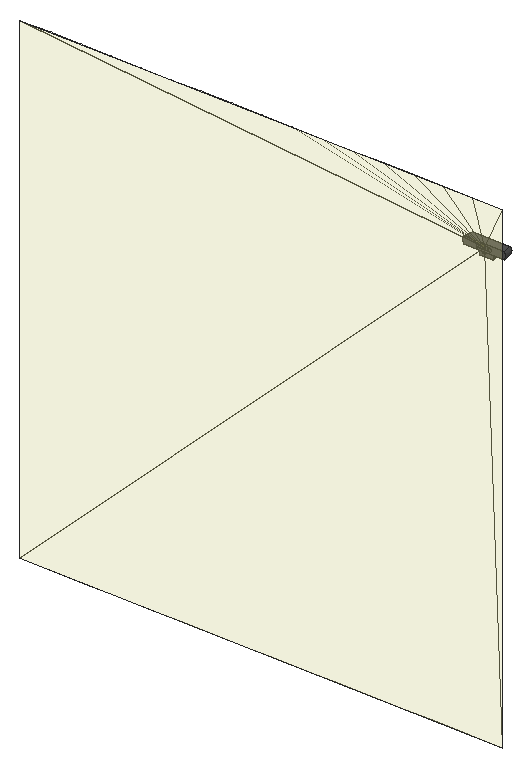
Revit family "Electronics_Conferencing-Cameras_Biamp_Vidi_4K_100_150___", category Communication Devices, host Face, Revit 2020
Family settings
  Host = Face
  Maintain Annotation Orientation = No
  Round Connector Dimension = Use Diameter
  Part Type = Normal
  OmniClass Number = 23.85.10.14.11
  OmniClass Title = Cameras
  Cut with Voids When Loaded = No
  Shared = No
  Room Calculation Point = No
Parameters (values of type "Vidi 100")
  Zoom = "3x Digital\r"  # constant formula
  Width = 7.60"  # constant formula
  White Balance = "Auto"  # constant formula
  Weight = 0.70 lbf  # constant formula
  Voltage = 0 V
  URL = "https://www.biamp.com/"
  Temperature Range = "50-86° F (10-30° C)"  # constant formula
  Target View Length Real [instance] = if(Focus Distance < 0.59055", 0.59055", if(Focus Distance > Maximum Focus Distance, Maximum Focus Distance, Focus Distance))  # 50.00"
  Focus Distance [instance] = 50.00"
  Supported Resolutions = "Up to 3840 x 2160p (30fps)"  # constant formula
  Signal Noise Ratio = "> 55dB"  # constant formula
  Sample Rate = "48 kHz\r"  # constant formula
  Product data url = "https://www.bimobject.com/biamp/product/vidi-100_conferencing-camera"
  Product Page URL = "https://www.biamp.com/products/product-families/vidi/conferencing-cameras#vidi-100"
  Product Documentation Link = "https://downloads.biamp.com/assets/docs/default-source/data-sheets/biamp_data_sheet_vidi_100_jul22.pdf"
  Power Factor = 1
  Positioning = "Electronic Pan/Tilt/Zoom"
  Number of Poles = 1
  Model = "Vidi 100"
  Minimum Focus Distance [instance] = 0.00"  # constant formula
  Maximum Focus Distance [instance] = 196.85039"  # constant formula
  Max Power Consumption = 0 W
  Manufacturer = "Biamp"  # constant formula
  Image sensor = "8MP, 1/2.5”, CMOS, progressive scan"  # constant formula
  Housing Material = Biamp - Plastic - Black
  Height = 1.70"  # constant formula
  Focus = "2.8mm"  # constant formula
  Field-Of-View Diagonal = "120°"  # constant formula
  Field Of View Horizontal = 120.00°  # constant formula
  Field Of View Vertical = 120.00°  # constant formula
  Field Of View [instance] = yes
  Digital Noise Reduction = "2D and 3D"  # constant formula
  Description = "Vidi™ 100 4K Conferencing Camera"
  Depth = 1.30"  # constant formula
  Default Elevation = 48.00"
  Connector Video = "USB"  # constant formula
  Connector Description = "USB"  # constant formula
  Connector = "USB 3.0 Type-B"  # constant formula
  Compliance = "CE Marked (Europe), RoHS Directive (Europe)"  # constant formula
  Bit Depth = "24-bit"  # constant formula
  Backlight Compensation = "Supported"  # constant formula
  Assembly Code = ""
  Apparent Load = Max Power Consumption / Power Factor  # 0 VA
Types (3): name | Product data url | Product Page URL | Product Documentation Link | Positioning | Model | Description
  (no name) | "https://www.bimobject.com/biamp/product/vidi-100_conferencing-camera" | "https://www.biamp.com/products/product-families/vidi/conferencing-cameras#vidi-100" | "https://downloads.biamp.com/assets/docs/default-source/data-sheets/biamp_data_sheet_vidi_100_jul22.pdf" | "Electronic Pan/Tilt/Zoom" | "Vidi 100" | "Vidi™ 100 4K Conferencing Camera"
  Vidi 100 | "https://www.bimobject.com/biamp/product/vidi-100_conferencing-camera" | "https://www.biamp.com/products/product-families/vidi/conferencing-cameras#vidi-100" | "https://downloads.biamp.com/assets/docs/default-source/data-sheets/biamp_data_sheet_vidi_100_jul22.pdf" | "Electronic Pan/Tilt/Zoom" | "Vidi 100" | "Vidi™ 100 4K Conferencing Camera"
  Vidi 150 | "https://www.bimobject.com/biamp/product/vidi-150_conferencing-camera" | "https://www.biamp.com/products/product-families/vidi/conferencing-cameras#vidi-150" | "https://downloads.biamp.com/assets/docs/default-source/data-sheets/biamp_data_sheet_vidi_150_jul22.pdf" | "Autoframing capability/Electronic Pan/Tilt/Zoom" | "Vidi 150" | "Vidi™ 150 4K Conferencing Camera"
Reference planes (in)
  plane 1 "Center (Front/Back)": y = 0
  plane 2: z = 0
  plane 3 "Center (Left/Right)": x = 0
  plane 4: x = -3.8
  plane 5: x = 3.8
  plane 6: y = 0.85
  plane 7: y = -0.85
  plane 8: z = 1.09252
  plane 9: z = 2.39252
Forms (in)
  Blend 1, solid, material "Biamp - Plastic - Black" <- "Housing Material"
    base sketch origin (0, 0, 0) x (1, 0, 0) y (0, 0, 1)
      loop
        arc (-3.62327, 2.43032) -> (-3.83339, 1.76142) -> (-3.62327, 1.09252) r 1.16977
        line (-3.62327, 1.09252) -> (3.62327, 1.09252)
        arc (3.62327, 1.09252) -> (3.83339, 1.76142) -> (3.62327, 2.43032) r 1.16977
        line (3.62327, 2.43032) -> (-3.62327, 2.43032)
    top sketch origin (0, 0, 0) x (1, 0, 0) y (0, 0, 1)
      loop
        line (3.31704, 2.43032) -> (-3.31704, 2.43032)
        arc (-3.31704, 2.43032) -> (-3.52716, 1.76142) -> (-3.31704, 1.09252) r 1.16977
        line (-3.31704, 1.09252) -> (3.31704, 1.09252)
        arc (3.31704, 1.09252) -> (3.52716, 1.76142) -> (3.31704, 2.43032) r 1.16977
    from 0.85 to -0.78453
  Extrusion 2, void
    sketch origin (0, 0, 0) x (1, 0, 0) y (0, 0, 1)
      loop
        arc (-1.14449, 2.16654) -> (-1.33654, 1.76142) -> (-1.14449, 1.3563) r 0.52332
        line (-1.14449, 1.3563) -> (1.13222, 1.3563)
        arc (1.13222, 1.3563) -> (1.32427, 1.76142) -> (1.13222, 2.16654) r 0.52332
        line (1.13222, 2.16654) -> (-1.14449, 2.16654)
    from 0.76478 to 0.84933
  Extrusion 3, solid, material "Biamp - Glass - Gray", detail levels medium+fine
    sketch origin (0, 0, 0) x (1, 0, 0) y (0, 0, 1)
      loop
        circle (0, 1.76103) r 0.25
    from 0.76478 to 0.81977
  Extrusion 4, solid, material "Biamp - Plastic - Black" <- "Housing Material"
    sketch origin (0, 0, 0) x (0, 1, 0) y (0, 0, 1)
      loop
        line (2.53488, 0.01984) -> (2.54041, 0.17801)
        arc (2.54041, 0.17801) -> (1.98048, 0.40429) -> (1.39014, 0.53165) r 3.52391
        line (1.39014, 0.53165) -> (0.69549, 0.53165) -> (0.69137, 0.41354) -> (0.35683, 0.41354)
        arc (0.35683, 0.41354) -> (0.21523, 0.35343) -> (0.1601, 0.20982) r 0.19685
        line (0.1601, 0.20982) -> (0.16408, 0.09583)
        arc (0.16408, 0.09583) -> (0.18808, 0.04194) -> (0.24277, 0.01984) r 0.07874
        line (0.24277, 0.01984) -> (2.53488, 0.01984)
    from -1.22463 to 1.38756
  Extrusion 5, void
    sketch origin (0, 0, 0) x (1, 0, 0) y (0, 1, 0)
      loop
        line (-0.91567, 2.97571) -> (-1.90977, 2.97571) -> (-1.90977, -0.15509) -> (-1.20416, -0.15509) -> (-0.91567, 2.97571)
      loop
        line (0.9142, 2.99008) -> (1.21704, -0.15509) -> (1.90977, -0.15509) -> (1.90977, 2.99008) -> (0.9142, 2.99008)
    from 0.01984 to 1.28937
  Extrusion 6, solid, material "Biamp - Plastic - Black" <- "Housing Material", detail levels medium+fine
    sketch origin (0, 0, 0) x (1, 0, 0) y (0, 0, 1)
      loop
        line (-1.4711, 0.98819) -> (1.46207, 0.98819) -> (1.46207, 1.09252) -> (-1.4711, 1.09252) -> (-1.4711, 0.98819)
    from -0.14018 to 0.09103
  Extrusion 7, solid, material "Biamp - Plastic - Black" <- "Housing Material", detail levels medium+fine
    sketch origin (0, 0, 0) x (1, 0, 0) y (0, 0, 1)
      loop
        line (-1.25614, 1.04318) -> (-1.25614, 0.22638)
        arc (-1.25614, 0.22638) -> (-1.20713, 0.10806) -> (-1.08882, 0.05906) r 0.16732
        line (-1.08882, 0.05906) -> (1.08441, 0.05906)
        arc (1.08441, 0.05906) -> (1.20273, 0.10806) -> (1.25174, 0.22638) r 0.16732
        line (1.25174, 0.22638) -> (1.25174, 1.04318) -> (-1.25614, 1.04318)
    from 0.15509 to 0.32849
  Extrusion 8, solid, material "Biamp - Plastic - Black" <- "Housing Material", detail levels medium+fine
    sketch origin (0, 0, 0) x (0, 1, 0) y (0, 0, 1)
      loop
        line (0.14018, 0.64976) -> (0.14018, 0.84661) -> (0.05162, 0.84661)
        arc (0.05162, 0.84661) -> (0.03799, 0.78914) -> (0, 0.74391) r 0.12797
        line (0, 0.74391) -> (-0.15509, 0.62398) -> (-0.15509, 0.55112) -> (0.05598, 0.64976) -> (0.14018, 0.64976)
      loop
        line (-0.14723, 0.64001) -> (-0.00265, 0.75178)
        arc (-0.00265, 0.75178) -> (0.03965, 0.87783) -> (-0.06032, 0.96547) r 0.11995
        line (-0.06032, 0.96547) -> (-0.14724, 0.97705) -> (-0.14723, 0.64001)
    from -1.22906 to 1.22443
  Extrusion 9, void, detail levels medium+fine
    sketch origin (0, 0, 0) x (1, 0, 0) y (0, 1, 0)
      loop
        line (-0.52165, 2.21563) -> (0.52165, 2.21563) -> (0.52165, 2.95579) -> (-0.52165, 2.95579) -> (-0.52165, 2.21563)
    from 0 to 0.69937
  Extrusion 10, solid, material "Biamp - Plastic - Black" <- "Housing Material", detail levels medium+fine
    sketch origin (0, 0, 0) x (0, 1, 0) y (0, 0, 1)
      loop
        arc (2.03979, 0.7362) -> (1.3386, 0.90768) -> (0.6241, 1.01042) r 7.44057
        line (0.6241, 1.01042) -> (0.6241, 1.09149) -> (0.14018, 1.09149) -> (0.14018, 0.55134) -> (1.40003, 0.55134)
        arc (1.40003, 0.55134) -> (1.99746, 0.42032) -> (2.56347, 0.18852) r 3.54374
        arc (2.56347, 0.18852) -> (2.86908, 0.05397) -> (2.85592, 0.38763) r 0.19685
        arc (2.85592, 0.38763) -> (2.45791, 0.58545) -> (2.03979, 0.7362) r 3.85827
    from -1.22463 to 1.38756
  Extrusion 11, solid, material "Biamp - Plastic - Black" <- "Housing Material"
    sketch origin (0, 0, 0) x (0, 1, 0) y (0, 0, 1)
      loop
        line (2.5075, 0.01984) -> (2.75829, 0.01984)
        arc (2.75829, 0.01984) -> (2.89749, 0.0775) -> (2.95514, 0.21669) r 0.19685
        line (2.95514, 0.21669) -> (2.5075, 0.21669) -> (2.5075, 0.01984)
    from -0.49577 to 0.50195
  Extrusion 12, solid, material "Biamp - Plastic - Black" <- "Housing Material"
    sketch origin (0, 0, 0) x (1, 0, 0) y (0, 1, 0)
      loop
        line (-0.90584, 2.20595) -> (-1.03845, 0.6902)
        arc (-1.03845, 0.6902) -> (-0.98748, 0.54005) -> (-0.84234, 0.47619) r 0.19685
        line (-0.84234, 0.47619) -> (-0.49158, 0.47619)
        arc (-0.49158, 0.47619) -> (-0.4359, 0.49926) -> (-0.41284, 0.55493) r 0.07874
        line (-0.41284, 0.55493) -> (-0.41284, 0.69273)
        arc (-0.41284, 0.69273) -> (-0.40708, 0.70665) -> (-0.39316, 0.71241) r 0.01969
        line (-0.39316, 0.71241) -> (0, 0.71241) -> (0.39316, 0.71241)
        arc (0.39316, 0.71241) -> (0.40708, 0.70665) -> (0.41284, 0.69273) r 0.01969
        line (0.41284, 0.69273) -> (0.41284, 0.55493)
        arc (0.41284, 0.55493) -> (0.4359, 0.49926) -> (0.49158, 0.47619) r 0.07874
        line (0.49158, 0.47619) -> (0.84234, 0.47619)
        arc (0.84234, 0.47619) -> (0.98748, 0.54005) -> (1.03845, 0.6902) r 0.19685
        line (1.03845, 0.6902) -> (0.90584, 2.20595)
        arc (0.90584, 2.20595) -> (0.84272, 2.33393) -> (0.70973, 2.38564) r 0.19685
        line (0.70973, 2.38564) -> (0, 2.38564) -> (-0.70973, 2.38564)
        arc (-0.70973, 2.38564) -> (-0.84272, 2.33393) -> (-0.90584, 2.20595) r 0.19685
      loop
        circle (0.00055, 0.98817) r 0.1378
      loop
        circle (0.00054, 1.53935) r 0.10827
    from 0 to 0.02007
  Extrusion 13, solid, material "Biamp - Plastic - Black" <- "Housing Material", detail levels coarse
    sketch origin (0, 0, 0) x (0, 1, 0) y (0, 0, 1)
      loop
        line (-0.32849, 1.04318) -> (-0.32849, 0.06661) -> (-0.15509, 0.05904) -> (-0.15509, 0.55112) -> (0.05598, 0.64976) -> (0.14018, 0.64976) -> (0.14018, 0.55134) -> (0.69618, 0.55134) -> (0.69137, 0.41354) -> (0.35683, 0.41354)
        arc (0.35683, 0.41354) -> (0.21523, 0.35343) -> (0.1601, 0.20982) r 0.19685
        line (0.1601, 0.20982) -> (0.16408, 0.09583)
        arc (0.16408, 0.09583) -> (0.18808, 0.04194) -> (0.24277, 0.01984) r 0.07874
        line (0.24277, 0.01984) -> (2.75829, 0.01984)
        arc (2.75829, 0.01984) -> (2.94856, 0.16619) -> (2.85592, 0.38763) r 0.19685
        arc (2.85592, 0.38763) -> (2.45791, 0.58545) -> (2.03979, 0.7362) r 3.85827
        arc (2.03979, 0.7362) -> (1.3386, 0.90768) -> (0.6241, 1.01042) r 7.44057
        line (0.6241, 1.01042) -> (0.6241, 1.09149) -> (-0.18462, 1.09149) -> (-0.18462, 1.04318) -> (-0.32849, 1.04318)
    from -1.23448 to 1.22221
  Extrusion 14, solid, material "Biamp - Plastic - Black" <- "Housing Material", detail levels medium+fine
    sketch origin (0, 0, 0) x (1, 0, 0) y (0, 0, 1)
      loop
        arc (-0.48045, 2.16654) -> (-0.6282, 1.7613) -> (-0.47979, 1.3563) r 0.6282
        line (-0.47979, 1.3563) -> (0.47979, 1.3563)
        arc (0.47979, 1.3563) -> (0.6282, 1.7613) -> (0.48045, 2.16654) r 0.6282
        line (0.48045, 2.16654) -> (-0.48045, 2.16654)
      loop
        circle (0, 1.76181) r 0.25
    from 0.76478 to 0.79202
Cuts and joins
  Extrusion 2 cuts Blend 1
  Extrusion 5 cuts Extrusion 4
  joined: Extrusion 4, Extrusion 11, Extrusion 12
  Extrusion 5, Extrusion 9 cuts Extrusion 10
  Extrusion 5 cuts Extrusion 13
Lines and regions (in)
  Masking region 1
    outline origin (0, 0, 0) x (1, 0, 0) y (0, 1, 0)
      loop
        line (-3.83339, -0.85) -> (3.83339, -0.85) -> (3.52716, 0.78453) -> (1.12657, 0.78453) -> (0.91765, 2.9542) -> (-0.91766, 2.9542) -> (-1.11758, 0.78453) -> (-3.52716, 0.78453) -> (-3.83339, -0.85)
  symbolic lines
    curve 1: line (-3.62327, -0.85, 0) -> (-3.31704, 0.78453, 0)
    curve 2: line (3.31704, 0.78453, 0) -> (3.62327, -0.85, 0)
    curve 3: line (-3.52716, 0.78453, 0) -> (3.52716, 0.78453, 0)
    curve 4: line (-0.52165, 2.95514, 0) -> (-0.52165, 2.21563, 0)
    curve 5: line (-0.52165, 2.21563, 0) -> (0.52165, 2.21563, 0)
    curve 6: line (0.52165, 2.21563, 0) -> (0.52165, 2.95514, 0)
Dimensions and locks (in)
  equal spacing: plane 6, plane 1 "Center (Front/Back)", plane 7
  "Height": plane 6 to plane 7
  equal spacing: plane 4, plane 3 "Center (Left/Right)", plane 5
  "Width": plane 4 to plane 5
  "Depth": plane 9 to plane 8
  plane 8 to plane 2 = 1.09252"
  equal spacing: Extrusion 5 sketch curve, plane 3 "Center (Left/Right)", Extrusion 5 sketch curve
  aligned and locked: plane 2 to host face
  aligned and locked: level to host face
Automatic sketch dimensions
  host sketch curve to host sketch curve = 96.00"  (x2)
  Blend 1 sketch curve to plane 8 = 0.00"  (x2)
  plane 9 to Blend 1 sketch curve = 0.0378"  (x2)
  plane 4 to Blend 1 sketch curve = 0.17673"  (x2)
  plane 4 to Blend 1 sketch curve = 1.13638"
  Blend 1 sketch curve to plane 5 = 1.13638"
  Blend 1 sketch curve to plane 5 = 0.17673"  (x2)
  plane 4 to Blend 1 sketch curve = 0.48296"  (x2)
  Blend 1 sketch curve to Blend 1 sketch curve = 0.95966"
  Blend 1 sketch curve to plane 5 = 1.44261"
  Blend 1 sketch curve to plane 5 = 0.48296"  (x2)
  Extrusion 2 sketch curve to plane 9 = 0.22598"
  Extrusion 2 sketch curve to plane 3 "Center (Left/Right)" = 1.14449"
  plane 8 to Extrusion 2 sketch curve = 0.26378"
  Extrusion 2 sketch curve to Extrusion 2 sketch curve = 0.00"
  Extrusion 2 sketch curve to Extrusion 2 sketch curve = 0.33127"  (x3)
  plane 3 "Center (Left/Right)" to Extrusion 2 sketch curve = 0.80095"
  Extrusion 3 sketch curve to plane 3 "Center (Left/Right)" = 0.00"
  Extrusion 3 sketch curve to plane 9 = 0.63149"
  Extrusion 4 sketch curve to plane 1 "Center (Front/Back)" = 0.1601"
  level to Extrusion 4 sketch curve = 0.09583"
  Extrusion 4 sketch curve to Extrusion 4 sketch curve = 0.00398"
  Extrusion 4 sketch curve to Extrusion 4 sketch curve = 0.07869"
  Extrusion 4 sketch curve to Extrusion 4 sketch curve = 0.19673"
  Extrusion 4 sketch curve to plane 6 = 0.15863"
  Extrusion 4 sketch curve to Extrusion 4 sketch curve = 0.00412"
  plane 6 to Extrusion 4 sketch curve = 0.09491"
  plane 6 to Extrusion 4 sketch curve = 0.54014"
  level to Extrusion 4 sketch curve = 0.01984"
  Extrusion 4 sketch curve to Extrusion 4 sketch curve = 1.14474"
  level to Extrusion 4 sketch curve = 0.17801"
  Extrusion 4 sketch curve to Extrusion 4 sketch curve = 0.00552"
  Extrusion 4 sketch curve to level = 2.96402"
  Extrusion 4 sketch curve to Extrusion 4 sketch curve = 0.11399"
  Extrusion 4 sketch curve to Extrusion 4 sketch curve = 0.11811"
  plane 4 to Extrusion 5 sketch curve = 1.89023"
  plane 1 "Center (Front/Back)" to Extrusion 5 sketch curve = 0.15509"  (x2)
  Extrusion 5 sketch curve to Extrusion 5 sketch curve = 0.70561"
  Extrusion 5 sketch curve to plane 3 "Center (Left/Right)" = 0.91567"
  plane 3 "Center (Left/Right)" to Extrusion 5 sketch curve = 0.9142"
  Extrusion 5 sketch curve to Extrusion 5 sketch curve = 0.69272"
  plane 6 to Extrusion 5 sketch curve = 2.12571"
  plane 6 to Extrusion 5 sketch curve = 2.14008"
  Extrusion 6 sketch curve to plane 8 = 0.00"
  Extrusion 6 sketch curve to plane 3 "Center (Left/Right)" = 1.4711"
  plane 3 "Center (Left/Right)" to Extrusion 6 sketch curve = 1.46207"
  Extrusion 6 sketch curve to plane 8 = 0.10433"
  Extrusion 7 sketch curve to plane 8 = 0.04934"
  Extrusion 7 sketch curve to plane 3 "Center (Left/Right)" = 1.25614"
  Extrusion 7 sketch curve to Extrusion 7 sketch curve = 0.16732"  (x2)
  level to Extrusion 7 sketch curve = 0.05906"
  plane 3 "Center (Left/Right)" to Extrusion 7 sketch curve = 1.08441"
  Extrusion 8 sketch curve to plane 1 "Center (Front/Back)" = 0.00"
  plane 1 "Center (Front/Back)" to Extrusion 8 sketch curve = 0.00265"
  plane 1 "Center (Front/Back)" to Extrusion 8 sketch curve = 0.06032"
  plane 1 "Center (Front/Back)" to Extrusion 8 sketch curve = 0.07616"
  Extrusion 8 sketch curve to Extrusion 8 sketch curve = 0.00019"
  plane 1 "Center (Front/Back)" to Extrusion 8 sketch curve = 0.14723"
  Extrusion 8 sketch curve to Extrusion 8 sketch curve = 0.08692"
  Extrusion 8 sketch curve to Extrusion 8 sketch curve = 0.00786"
  Extrusion 8 sketch curve to plane 1 "Center (Front/Back)" = 0.05162"
  Extrusion 8 sketch curve to plane 1 "Center (Front/Back)" = 0.05598"
  Extrusion 8 sketch curve to Extrusion 8 sketch curve = 0.0842"
  Extrusion 8 sketch curve to plane 8 = 0.5414"
  Extrusion 8 sketch curve to Extrusion 8 sketch curve = 0.07286"
  Extrusion 8 sketch curve to Extrusion 8 sketch curve = 0.01603"
  Extrusion 8 sketch curve to Extrusion 8 sketch curve = 0.00975"
  Extrusion 8 sketch curve to Extrusion 8 sketch curve = 0.09415"
  Extrusion 8 sketch curve to Extrusion 8 sketch curve = 0.00787"
  Extrusion 8 sketch curve to Extrusion 8 sketch curve = 0.00004"
  Extrusion 8 sketch curve to Extrusion 8 sketch curve = 0.01158"
  Extrusion 9 sketch curve to plane 3 "Center (Left/Right)" = 0.52165"
  plane 3 "Center (Left/Right)" to Extrusion 9 sketch curve = 0.52165"
  plane 6 to Extrusion 9 sketch curve = 1.36563"
  Extrusion 9 sketch curve to Extrusion 9 sketch curve = 0.74016"
  Extrusion 10 sketch curve to Extrusion 10 sketch curve = 0.00"  (x3)
  plane 1 "Center (Front/Back)" to Extrusion 10 sketch curve = 0.07635"
  Extrusion 10 sketch curve to plane 8 = 0.00103"
  Extrusion 10 sketch curve to plane 1 "Center (Front/Back)" = 0.14018"
  Extrusion 10 sketch curve to plane 8 = 0.0821"
  Extrusion 10 sketch curve to plane 6 = 0.2259"
  plane 6 to Extrusion 10 sketch curve = 0.09248"
  plane 6 to Extrusion 10 sketch curve = 0.55003"
  level to Extrusion 10 sketch curve = 0.21669"
  Extrusion 10 sketch curve to Extrusion 10 sketch curve = 1.35827"
  Extrusion 10 sketch curve to level = 2.96274"
  Extrusion 10 sketch curve to Extrusion 10 sketch curve = 3.43437"
  Extrusion 10 sketch curve to Extrusion 10 sketch curve = 0.54016"
  level to Extrusion 10 sketch curve = 0.18852"
  level to Extrusion 11 sketch curve = 0.01984"
  plane 6 to Extrusion 11 sketch curve = 1.6575"
  Extrusion 11 sketch curve to Extrusion 11 sketch curve = 0.25079"
  Extrusion 11 sketch curve to Extrusion 11 sketch curve = 0.19685"
  Extrusion 12 sketch curve to plane 3 "Center (Left/Right)" = 0.00"  (x2)
  Extrusion 12 sketch curve to plane 6 = 0.13759"
  Extrusion 12 sketch curve to plane 3 "Center (Left/Right)" = 0.39316"
  Extrusion 12 sketch curve to Extrusion 12 sketch curve = 0.01969"
  Extrusion 12 sketch curve to Extrusion 12 sketch curve = 0.07874"  (x2)
  Extrusion 12 sketch curve to plane 3 "Center (Left/Right)" = 0.70973"
  Extrusion 12 sketch curve to Extrusion 12 sketch curve = 0.35076"  (x2)
  Extrusion 12 sketch curve to Extrusion 12 sketch curve = 0.1961"  (x4)
  Extrusion 12 sketch curve to plane 6 = 0.1598"  (x2)
  plane 3 "Center (Left/Right)" to Extrusion 12 sketch curve = 0.00054"
  plane 3 "Center (Left/Right)" to Extrusion 12 sketch curve = 0.00055"
  Extrusion 12 sketch curve to plane 6 = 0.15727"
  plane 3 "Center (Left/Right)" to Extrusion 12 sketch curve = 0.39316"
  Extrusion 12 sketch curve to Extrusion 12 sketch curve = 0.70973"
  Extrusion 12 sketch curve to plane 6 = 0.17696"
  Extrusion 12 sketch curve to Extrusion 12 sketch curve = 0.21401"
  plane 6 to Extrusion 12 sketch curve = 0.13817"
  Extrusion 12 sketch curve to Extrusion 12 sketch curve = 0.55118"
  Extrusion 12 sketch curve to Extrusion 12 sketch curve = 0.64945"  (x2)
  Extrusion 12 sketch curve to Extrusion 12 sketch curve = 0.01716"
  level to Extrusion 13 sketch curve = 0.06661"
  plane 1 "Center (Front/Back)" to Extrusion 13 sketch curve = 0.32849"
  Extrusion 13 sketch curve to plane 8 = 0.00103"
  Extrusion 13 sketch curve to Extrusion 13 sketch curve = 0.14387"
  level to Extrusion 13 sketch curve = 0.05904"
  plane 1 "Center (Front/Back)" to Extrusion 13 sketch curve = 0.15509"
  plane 1 "Center (Front/Back)" to Extrusion 13 sketch curve = 0.07635"
  Extrusion 13 sketch curve to plane 1 "Center (Front/Back)" = 0.05598"
  Extrusion 13 sketch curve to Extrusion 13 sketch curve = 0.0842"
  Extrusion 13 sketch curve to plane 1 "Center (Front/Back)" = 0.1601"
  level to Extrusion 13 sketch curve = 0.09583"
  Extrusion 13 sketch curve to Extrusion 13 sketch curve = 0.00398"
  Extrusion 13 sketch curve to Extrusion 13 sketch curve = 0.07869"
  Extrusion 13 sketch curve to Extrusion 13 sketch curve = 0.11406"
  Extrusion 13 sketch curve to plane 8 = 0.0821"
  Extrusion 13 sketch curve to plane 6 = 0.2259"
  Extrusion 13 sketch curve to plane 6 = 0.15863"
  Extrusion 13 sketch curve to Extrusion 13 sketch curve = 0.00481"
  plane 6 to Extrusion 13 sketch curve = 0.09248"
  level to Extrusion 13 sketch curve = 0.21669"
  plane 6 to Extrusion 13 sketch curve = 1.90829"
  level to Extrusion 13 sketch curve = 0.01984"
  Extrusion 13 sketch curve to level = 2.96274"
  Extrusion 13 sketch curve to Extrusion 13 sketch curve = 3.43437"
  Extrusion 13 sketch curve to Extrusion 13 sketch curve = 0.11399"
  Extrusion 13 sketch curve to Extrusion 13 sketch curve = 0.11811"
  Extrusion 13 sketch curve to Extrusion 13 sketch curve = 0.3413"
  Extrusion 13 sketch curve to Extrusion 13 sketch curve = 0.1378"
  Extrusion 13 sketch curve to Extrusion 13 sketch curve = 0.09843"
  Extrusion 13 sketch curve to plane 8 = 0.04934"
  Extrusion 13 sketch curve to Extrusion 13 sketch curve = 0.00"
  Extrusion 14 sketch curve to plane 3 "Center (Left/Right)" = 0.00"
  Extrusion 14 sketch curve to plane 3 "Center (Left/Right)" = 0.47979"
  Extrusion 14 sketch curve to plane 9 = 0.22598"
  Extrusion 14 sketch curve to Extrusion 14 sketch curve = 0.00"  (x4)
  plane 8 to Extrusion 14 sketch curve = 0.26378"
  Extrusion 14 sketch curve to Extrusion 14 sketch curve = 0.40551"
  plane 3 "Center (Left/Right)" to Extrusion 14 sketch curve = 0.47979"
  Extrusion 14 sketch curve to Extrusion 14 sketch curve = 0.25"
  Masking region 1 sketch curve to plane 7 = 0.00"
  Masking region 1 sketch curve to plane 4 = 0.03339"
  Masking region 1 sketch curve to plane 6 = 0.06547"  (x2)
  plane 4 to Masking region 1 sketch curve = 0.27284"
  Masking region 1 sketch curve to plane 3 "Center (Left/Right)" = 1.11758"
  plane 3 "Center (Left/Right)" to Masking region 1 sketch curve = 1.12657"
  Masking region 1 sketch curve to plane 5 = 0.27284"
  plane 5 to Masking region 1 sketch curve = 0.03339"
  Masking region 1 sketch curve to plane 3 "Center (Left/Right)" = 0.91766"
  plane 3 "Center (Left/Right)" to Masking region 1 sketch curve = 0.91765"
  plane 6 to Masking region 1 sketch curve = 2.1042"
  curve 1 to plane 7 = 0.00"
  curve 2 to plane 7 = 0.00"
  curve 4 to plane 3 "Center (Left/Right)" = 0.52165"
  plane 6 to curve 4 = 1.36563"
  curve 1 to plane 6 = 0.06547"
  plane 4 to curve 1 = 0.48296"
  curve 3 to curve 1 = 0.21012"
  plane 4 to curve 1 = 0.17673"
  plane 3 "Center (Left/Right)" to curve 6 = 0.52165"
  curve 2 to plane 5 = 0.48296"
  curve 2 to curve 3 = 0.21012"
  curve 2 to plane 5 = 0.17673"
  curve 4 to curve 4 = 0.73952"
  curve 5 to curve 6 = 0.73952"
  radius of Extrusion 3 sketch curve = 0.25"
  radius of Extrusion 12 sketch curve = 0.1378"
  radius of Extrusion 12 sketch curve = 0.10827"
Nested families (in)
  nested 1: "FOV" at (0, -0.81977, 1.76181) x (1, 0, 0) z (0, -1, 0), visible <- "Field Of View", type "FOV"
    with Vertical FOV 86.60254", Target Length 50.00", Horizontal FOV 86.60254"
Connectors (in)
  electrical at (0, 0.78453, 1.76142), driven by "Number of Poles", driven by "Voltage", driven by "Apparent Load", driven by "Power Factor", driven by "Connector Description"
    settings: on cut or joined group of Blend 1, Extrusion 2, index 1, voltage 0 V, apparent load 0 VA, apparent load phase1 0 VA, apparent load phase2 0 VA, apparent load phase3 0 VA, power factor 1, load classification "Other", number of poles 1, system type 31, power factor state 1, is connector primary yes, connector utility no, sub classification motor no, connector description "USB"
Definition of nested family "FOV"
  Parameters (values of type "FOV")
    Vertical FOV = (Target Length * sin(VFOV Angle / 2)) / sin(180.00° - (90.00° + VFOV Angle / 2))  # 62.35383"
    VFOV Angle = 120.00°
    Target Length = 36.00"
    Horizontal FOV = (Target Length * sin(HFOV Angle / 2)) / sin(180.00° - (90.00° + HFOV Angle / 2))  # 62.35383"
    HFOV Angle = 120.00°
    Default Elevation = 48.00"
    Cost = 0
    Assembly Code = ""
  Reference planes (in)
    plane 1 "Center (Front/Back)": y = 0
    plane 2: z = 0
    plane 3 "Center (Left/Right)": x = 0
  Forms (in)
    SweptBlend 1, solid
      path in 3D
        loop
          line (0, 0, 0) -> (0, 0, 36)
      profile origin (0, 0, 0) x (-1, 0, 0) y (0, -1, 0)
        loop
          circle (0, 0) r 0.01562
      end profile origin (0, 0, 36) x (-1, 0, 0) y (0, -1, 0)
        loop
          line (31.17691, 31.17691) -> (-31.17691, 31.17691) -> (-31.17691, -31.17691) -> (31.17691, -31.17691) -> (31.17691, 31.17691)
  Lines and regions (in)
    reference lines
      curve 1: line (0, 0, 0) -> (0, 0, 36)
      curve 3: line (0, 0, 0) -> (-29, 0, 0)
      curve 4: line (0, 0, 0) -> (0, 40, 0)
    sketch lines
      curve 2: line (0, 0, 0) -> (0, 0, 36)
    symbolic lines
      curve 5: line (31.17691, 0, 36) -> (-31.17691, 0, 36)
      curve 6: line (-31.17691, 0, 36) -> (0, 0, -0.01805)
      curve 7: line (0, 0, -0.01805) -> (31.17691, 0, 36)
  Dimensions and locks (in)
    "Target Length": curve 1 to curve 1
    equal spacing: SweptBlend 1 sketch curve, profile plane, SweptBlend 1 sketch curve  (x2)
    "Vertical FOV": SweptBlend 1 sketch curve to SweptBlend 1 sketch curve
    "Horizontal FOV": SweptBlend 1 sketch curve to SweptBlend 1 sketch curve
    aligned and locked: plane 2 to level
    aligned and locked: plane 3 "Center (Left/Right)" to curve 1  (x3)
    aligned and locked: level to curve 1
    aligned and locked: plane 1 "Center (Front/Back)" to curve 1
    aligned and locked: plane 1 "Center (Front/Back)" to curve 4
    aligned and locked: plane 3 "Center (Left/Right)" to curve 4
    aligned and locked: curve 5 to SweptBlend 1
    aligned and locked: curve 6 to SweptBlend 1
    aligned and locked: curve 7 to SweptBlend 1
  Automatic sketch dimensions
    SweptBlend 1 sketch curve to profile plane = 0.00"
    profile plane to SweptBlend 1 sketch curve = 0.00"
    curve 3 to plane 3 "Center (Left/Right)" = 29.00"
    curve 4 to plane 1 "Center (Front/Back)" = 40.00"
    radius of SweptBlend 1 sketch curve = 0.01562"
